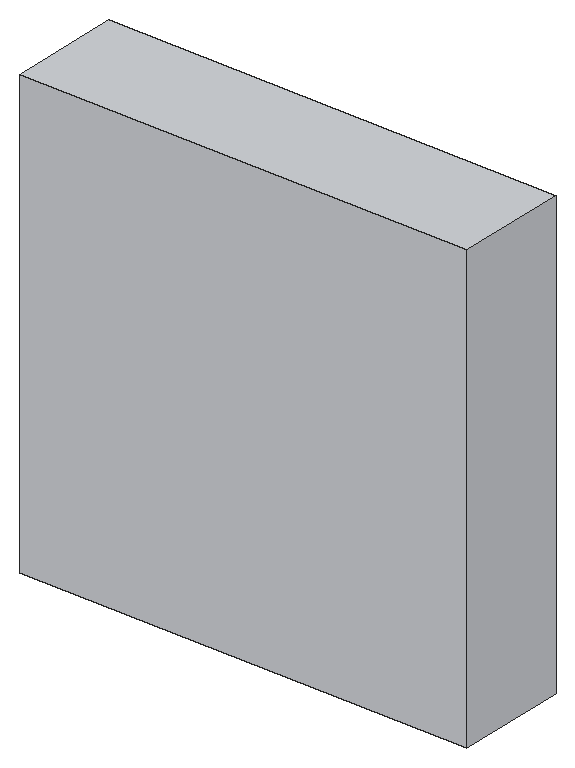
Revit family "XXX_ELT_Schrank", category Elektrische Ausstattung, Revit 2014
Parameters (values of type "1000x250x1200 (BxTxH) Doppeltür, Wandschrank")
  UK_Schrank = 1000 mm
  Tür vorne = no
  Tür hinten = no
  Tiefe = 250 mm
  OK_Schrank = UK_Schrank + Höhe  # 2000 mm
  Höhe = 1000 mm
  Doppeltür hinten = no
  Doppeltür Vorne = yes
  Breite = 1000 mm
  Beschriftung = "-"
Types (4, lengths in mm): name | UK_Schrank | Tür vorne | Tür hinten | Tiefe | Höhe | Doppeltür Vorne | Breite | Beschriftung
  800x800x2000 (BxTxH) Reserve | 0 | no | no | 800 | 2000 | no | 800 | "R"
  800x800x2000 (BxTxH) Doppeltür | 0 | no | no | 800 | 2000 | yes | 800 | "AV"
  800x800x2000 (BxTxH) Einfachtür, beidseitig | 0 | yes | yes | 800 | 2000 | no | 800 | "AV"
  1000x250x1200 (BxTxH) Doppeltür, Wandschrank | 1000 | no | no | 250 | 1000 | yes | 1000 | "-"
Reference planes
  plane 1 "Mitte (Vorne/Hinten)": y = 0
  plane 2: z = 0
  plane 3 "Mitte (Links/Rechts)": x = 0
  plane 4 "hinten": y = 125
  plane 5 "vorne": y = -125
  plane 6 "links": x = -500
  plane 7 "rechts": x = 500
  plane 8: y = 1125
  plane 9: y = -1125
  plane 10: y = 625
  plane 11: y = -625
  plane 12: z = 2000
  plane 13 "UK_Schrank": z = 1000
Forms (mm)
  Extrusion 1, solid
    sketch origin (0, 0, 0) x (1, 0, 0) y (0, 1, 0)
      loop
        line (-500, 125) -> (-500, -125) -> (500, -125) -> (500, 125) -> (-500, 125)
    from 1000 <- "UK_Schrank" to 2000 <- "OK_Schrank"
Lines and regions (mm)
  symbolic lines, style "gestrichelte Linie", visible <- "Tür hinten"
    curve 1: line (-500, 125, 0) -> (-500, 1125, 0)
    curve 3: arc (500, 125, 0) -> (207.107, 832.107, 0) -> (-500, 1125, 0) r 1000
  symbolic lines, style "gestrichelte Linie", visible <- "Tür vorne"
    curve 2: line (-500, -125, 0) -> (-500, -1125, 0)
    curve 4: arc (-500, -1125, 0) -> (207.107, -832.107, 0) -> (500, -125, 0) r 1000
  symbolic lines, style "gestrichelte Linie", visible <- "Doppeltür hinten"
    curve 5: line (-500, 125, 0) -> (-500, 625, 0)
    curve 6: line (500, 125, 0) -> (500, 625, 0)
    curve 9: arc (0, 125, 0) -> (-146.447, 478.553, 0) -> (-500, 625, 0) r 500
    curve 10: arc (500, 625, 0) -> (146.447, 478.553, 0) -> (0, 125, 0) r 500
  symbolic lines, style "gestrichelte Linie", visible <- "Doppeltür Vorne"
    curve 7: line (-500, -125, 0) -> (-500, -625, 0)
    curve 8: line (500, -125, 0) -> (500, -625, 0)
    curve 11: arc (0, -125, 0) -> (146.447, -478.553, 0) -> (500, -625, 0) r 500
    curve 12: arc (-500, -625, 0) -> (-146.447, -478.553, 0) -> (0, -125, 0) r 500
Dimensions and locks
  "Breite": plane 6 "links" to plane 7 "rechts"
  "Tiefe": plane 4 "hinten" to plane 5 "vorne"
  equal spacing: plane 6 "links", plane 3 "Mitte (Links/Rechts)", plane 7 "rechts"
  equal spacing: plane 4 "hinten", plane 1 "Mitte (Vorne/Hinten)", plane 5 "vorne"
  "Breite": plane 8 to plane 4 "hinten"
  "Breite": plane 5 "vorne" to plane 9
  equal spacing: plane 8, plane 10, plane 4 "hinten"
  equal spacing: plane 5 "vorne", plane 11, plane 9
  plane 7 "rechts" to plane 6 "links" = 1000 mm
  "OK_Schrank": plane 2 to plane 12
  "UK_Schrank": level to plane 13 "UK_Schrank"
  aligned and locked: level to plane 2
Automatic sketch dimensions
  Extrusion 1 sketch curve to plane 4 "hinten" = 0 mm
  Extrusion 1 sketch curve to plane 5 "vorne" = 0 mm
  Extrusion 1 sketch curve to plane 6 "links" = 0 mm
  Extrusion 1 sketch curve to plane 7 "rechts" = 0 mm
  curve 3 to curve 9 = 0 mm  (x2)
  curve 4 to curve 12 = 0 mm  (x2)
  curve 1 to plane 4 "hinten" = 0 mm
  curve 1 to plane 6 "links" = 0 mm
  curve 2 to plane 5 "vorne" = 0 mm
  curve 7 to plane 5 "vorne" = 0 mm
  curve 7 to plane 6 "links" = 0 mm
  curve 10 to plane 3 "Mitte (Links/Rechts)" = 0 mm
  curve 11 to plane 3 "Mitte (Links/Rechts)" = 0 mm
  curve 12 to plane 3 "Mitte (Links/Rechts)" = 0 mm
  curve 6 to plane 4 "hinten" = 0 mm
  curve 6 to plane 7 "rechts" = 0 mm
  curve 11 to plane 5 "vorne" = 0 mm
  curve 11 to plane 7 "rechts" = 0 mm
  curve 4 to plane 7 "rechts" = 0 mm
  curve 3 to plane 4 "hinten" = 0 mm
  curve 3 to plane 7 "rechts" = 0 mm
  curve 8 to plane 5 "vorne" = 0 mm
  curve 5 to plane 4 "hinten" = 0 mm
  curve 10 to plane 4 "hinten" = 0 mm
Nested families
  nested 1: "Schaltschranktext1" at (2.131, 11.606, 0), type "Schaltschranktext 2"
Connectors
  electrical at (0, 0, 0)
    settings: index 1, voltage 0 V, apparent load 0 VA, apparent load phase1 0 VA, apparent load phase2 0 VA, apparent load phase3 0 VA, power factor 1, load classification "Sonstige", number of poles 1, system type 31, power factor state 1, is connector primary yes, connector utility yes, sub classification motor no, connector description ""
Definition of nested family "Schaltschranktext1"
  Parameters (values of type "Schaltschranktext")
    Typ = ""
  Reference planes
    plane 1: y = 0
    plane 2: x = 0
  Lines and regions (mm)
    reference lines, not visible
      curve 1: line (-3.597, 18.061, 0) -> (3.76, 18.061, 0)
  Text (mm)
    label "Typ" at (0.096, -0.1, 0), shows "Typ"
    text "B" at (0.193, 23.67, 0), not visible
